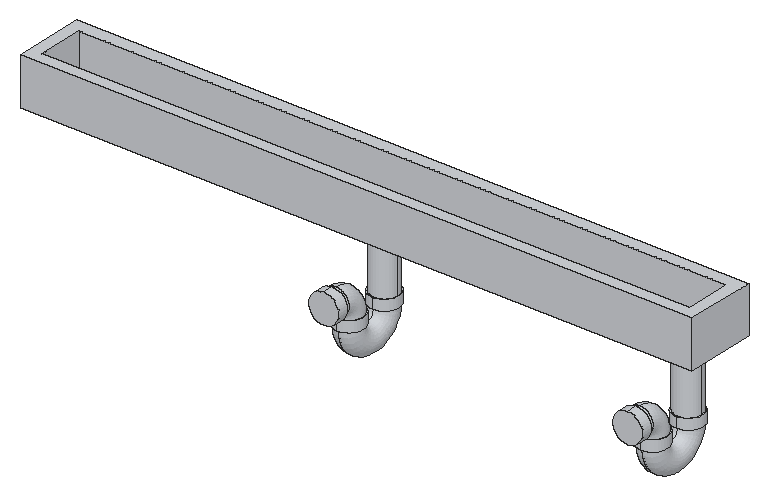
Revit family "TRENCH-DRAIN-02", category Plumbing Fixtures, Revit 2018
Family settings
  Round Connector Dimension = Use Diameter
  Part Type = Normal
  Work Plane-Based = No
  Always vertical = Yes
  Cut with Voids When Loaded = No
  Shared = No
  Room Calculation Point = No
Reference planes (in)
  plane 1 "Center (Front/Back)": y = 0
  plane 2: z = 0
  plane 3 "Center (Left/Right)": x = 0
  plane 4: x = -48
  plane 5: y = 6
  plane 6: y = -6
  plane 7: y = 4
  plane 8: y = -4
  plane 9: x = -46
  plane 10: x = 38.84421
  plane 11: x = 42.59421
  plane 12: x = -57
  plane 13: x = 57
  plane 14: x = -55
  plane 15: x = 55
  plane 16: x = 48
  plane 17: x = 51.59421
Forms (in)
  Extrusion 1, solid
    sketch origin (0, 0, 0) x (1, 0, 0) y (0, 1, 0)
      loop
        line (-57, 6) -> (-57, -6) -> (57, -6) -> (57, 6) -> (-57, 6)
    from -8 to 0
  Extrusion 2, void
    sketch origin (0, 0, 0) x (1, 0, 0) y (0, 1, 0)
      loop
        line (-55, 4) -> (-55, -4) -> (55, -4) -> (55, 4) -> (-55, 4)
    from -6 to 2.5065
  Extrusion 3, solid
    sketch origin (9, 0, 0) x (1, 0, 0) y (0, 1, 0)
      loop
        circle (42.59421, 0) r 2.25
    from -18.42308 to -5.94473
  Extrusion 4, solid
    sketch origin (-42.59421, 0, 0) x (1, 0, 0) y (0, 1, 0)
      loop
        circle (42.59421, 0) r 2.25
    from -18.42308 to -5.94473
Cuts and joins
  Extrusion 2 cuts Extrusion 1
Dimensions and locks (in)
  aligned and locked: plane 2 to level
Nested families (in)
  nested 1: "Trap P - PVC - Sch 40 - DWV" at (51.59421, 0, -15.61058) x (0, 0, -1) z (-1, 0, 0), type "Standard"
    with Wall Thickness 1/4", Tick Size 1.8", Socket Outside Radius 2.51", Socket Outside Diameter 5.02", Socket Entrance Diameter 4.52", Socket Depth 1 3/4", Outlet Height Label 10 9/16", Outlet Height 10 9/16", Nominal Radius 2", Nominal Diameter 4", Length 3 2 13/16", Length 2 2 13/16", Length 1 11 1/16", Length 12 13/16", Inlet Height 7 3/4", Height 2 8 5/16", Height 1 3 3/4", Fitting Outside Radius 2 1/4", Fitting Outside Diameter 4 1/2"
  nested 2: "Trap P - PVC - Sch 40 - DWV" at (0, 0, -15.61058) x (0, 0, -1) z (-1, 0, 0), type "Standard"
    with Wall Thickness 1/4", Tick Size 1.8", Socket Outside Radius 2.51", Socket Outside Diameter 5.02", Socket Entrance Diameter 4.52", Socket Depth 1 3/4", Outlet Height Label 10 9/16", Outlet Height 10 9/16", Nominal Radius 2", Nominal Diameter 4", Length 3 2 13/16", Length 2 2 13/16", Length 1 11 1/16", Length 12 13/16", Inlet Height 7 3/4", Height 2 8 5/16", Height 1 3 3/4", Fitting Outside Radius 2 1/4", Fitting Outside Diameter 4 1/2"
Connectors (in)
  piping at (51.59421, -12.8125, -15.61058), diameter 4
    settings: on nested 1, index 1, connector inside diameter 24", connector length 0' - 0", flow factor 0, pipe flow 0 GPM, pressure drop 0.00 psi, fitting loss kfactor 0, connector angle 0.00°, fixture units 0, engagement length 0' - 0", angle of deflection 0.00°, flow configuration 0, flow direction 0, fitting loss method 0, system type 16, joint type 0, gender type 0, connector reference index -1, connector utility 0, adjustable connector yes, is connector primary yes, connector description ""
  piping at (0, -12.8125, -15.61058), diameter 4
    settings: on nested 2, index 2, connector inside diameter 24", connector length 0' - 0", flow factor 0, pipe flow 0 GPM, pressure drop 0.00 psi, fitting loss kfactor 0, connector angle 0.00°, fixture units 0, engagement length 0' - 0", angle of deflection 0.00°, flow configuration 0, flow direction 0, fitting loss method 0, system type 16, joint type 0, gender type 0, connector reference index -1, connector utility 0, adjustable connector yes, is connector primary no, connector description ""
Definition of nested family "Trap P - PVC - Sch 40 - DWV"
  Parameters (values of type "Standard")
    Wall Thickness [instance] = size_lookup(Lookup Table Name, "WThk", 0.02 * Nominal Diameter + 33/256", Nominal Diameter)  # 0.156"
    Tick Size [instance] = Fitting Outside Diameter * 0.4  # 0.76"
    Socket Outside Radius [instance] = Socket Outside Diameter / 2  # 1.1135"
    Socket Outside Diameter [instance] = Socket Entrance Diameter + Wall Thickness * 2  # 2.227"
    Socket Entrance Diameter [instance] = size_lookup(Lookup Table Name, "SED", 1.04 * Nominal Diameter + 95/256", Nominal Diameter)  # 1.915"
    Socket Depth [instance] = size_lookup(Lookup Table Name, "SDpt", 0.5 * Nominal Diameter, Nominal Diameter)  # 0.687"
    Outlet Height Label [instance] = if(Length 2 > Fitting Outside Radius + 1/32", Outlet Height, Length 3 + Socket Depth + Height 1 + Fitting Outside Radius)  # 4.8875"
    Outlet Height [instance] = Height 2 + Fitting Outside Radius  # 4.8875"
    Nominal Radius [instance] = 3/4"
    Nominal Diameter [instance] = Nominal Radius * 2  # 1 1/2"
    Loss Method = (empty or 0)
    Lookup Table Name = "Trap P - PVC - Sch 40 - DWV"
    Length 3 [instance] = if(Length 2 > Fitting Outside Radius + 1/32", Length 2, Fitting Outside Radius + 1/32")  # 1.7505"
    Length 2 [instance] = Height 2 - Height 1 - Socket Depth  # 1.7505"
    Length 1 [instance] = size_lookup(Lookup Table Name, "Lgt1", 2.47 * Nominal Diameter + 1 97/256", Nominal Diameter)  # 4 5/8"
    Length [instance] = Length 1 + Socket Depth  # 5.312"
    Inlet Height [instance] = Height 1 + Socket Depth + Fitting Outside Radius  # 3.137"
    Height 2 [instance] = size_lookup(Lookup Table Name, "Hgt2", 1.78 * Nominal Diameter + 1 45/128", Nominal Diameter)  # 3 15/16"
    Height 1 [instance] = size_lookup(Lookup Table Name, "Hgt1", 0.88 * Nominal Diameter + 45/128", Nominal Diameter)  # 1 1/2"
    Fitting Outside Radius [instance] = Fitting Outside Diameter / 2  # 0.95"
    Fitting Outside Diameter [instance] = size_lookup(Lookup Table Name, "FOD", 1.04 * Nominal Diameter + 23/64", Nominal Diameter)  # 1.9"
  Reference planes (in)
    plane 1 "Center (Front/Back)": y = 0
    plane 2: z = 0
    plane 3 "Center (Left/Right)": x = 0
    plane 4: x = 4.8875
    plane 5: x = 1.7505
    plane 6: x = 2.4375
    plane 7: y = 1.5
    plane 8: y = 5.312
    plane 9: y = 4.625
    plane 10: y = -0.76
    plane 11: y = 0.76
    plane 12: x = -0.76
    plane 13: x = 0.76
    plane 14: y = 3
    plane 15: y = 4.7505
  Forms (in)
    Sweep 1, solid, detail levels fine
      path in 3D
        loop
          line (1.7505, 0, 0) -> (2.4375, 0, 0)
      profile origin (2.094, 0, 0) x (0, 1, 0) y (0, 0, 1)
        loop
          circle (0, 0) r 1.1135
    Sweep 2, solid, detail levels fine
      path in 3D
        loop
          line (1.7505, 3, 0) -> (2.4375, 3, 0)
      profile origin (2.094, 3, 0) x (0, 1, 0) y (0, 0, 1)
        loop
          circle (0, 0) r 1.1135
    Sweep 3, solid, detail levels fine
      path in 3D
        loop
          line (0, 5.312, 0) -> (0, 4.7505, 0)
          arc (0, 4.7505, 0) -> (0.51271, 3.51271, 0) -> (1.7505, 3, 0) r 1.7505
          line (1.7505, 3, 0) -> (2.4375, 3, 0)
          arc (2.4375, 3, 0) -> (3.9375, 1.5, 0) -> (2.4375, 0, 0) r 1.5
      profile origin (0, 5.03125, 0) x (1, 0, 0) y (0, 0, 1)
        loop
          circle (0, 0) r 0.95
    Sweep 4, solid, detail levels fine
      path in 3D
        loop
          line (0, 5.312, 0) -> (0, 4.625, 0)
      profile origin (0, 4.9685, 0) x (1, 0, 0) y (0, 0, 1)
        loop
          circle (0, 0) r 1.1135
  Cuts and joins
    joined: Sweep 1, Sweep 2, Sweep 3, Sweep 4
  Lines and regions (in)
    model lines, detail levels coarse+medium
      curve 1: line (1.7505, 0, 0) -> (2.4375, 0, 0)
      curve 2: line (1.7505, 0.76, 0) -> (1.7505, -0.76, 0)
      curve 3: line (-0.76, 5.312, 0) -> (0.76, 5.312, 0)
      curve 5: arc (2.4375, 0, 0) -> (3.9375, 1.5, 0) -> (2.4375, 3, 0) r 1.5
      curve 6: arc (0, 4.7505, 0) -> (0.51271, 3.51271, 0) -> (1.7505, 3, 0) r 1.7505
      curve 7: line (1.7505, 3, 0) -> (2.4375, 3, 0)
      curve 10: line (0, 5.312, 0) -> (0, 4.7505, 0)
    sketch lines
      curve 4: line (1.7505, 0, 0) -> (2.4375, 0, 0)
      curve 9: line (1.7505, 3, 0) -> (2.4375, 3, 0)
      curve 11: line (0, 5.312, 0) -> (0, 4.7505, 0)
      curve 12: arc (0, 4.7505, 0) -> (0.51271, 3.51271, 0) -> (1.7505, 3, 0) r 1.7505
      curve 13: line (1.7505, 3, 0) -> (2.4375, 3, 0)
      curve 14: arc (2.4375, 0, 0) -> (3.9375, 1.5, 0) -> (2.4375, 3, 0) r 1.5
      curve 15: line (0, 5.312, 0) -> (0, 4.625, 0)
    reference lines
      curve 8: line (0, 5.312, 0) -> (0, 4.625, 0)
  Dimensions and locks (in)
    "Outlet Height Label": plane 3 "Center (Left/Right)" to plane 4
    "Inlet Height": plane 5 to plane 4
    "Socket Depth": plane 5 to plane 6
    "Height 1": plane 7 to plane 1 "Center (Front/Back)"
    "Length": plane 8 to plane 1 "Center (Front/Back)"
    "Socket Depth": plane 8 to plane 9
    equal spacing: plane 10, plane 1 "Center (Front/Back)", plane 11
    "Tick Size": plane 1 "Center (Front/Back)" to plane 11
    equal spacing: plane 12, plane 3 "Center (Left/Right)", plane 13
    "Tick Size": plane 12 to plane 3 "Center (Left/Right)"
    "Height 1": plane 14 to plane 7
    "Length 3": plane 15 to plane 14
    "Socket Outside Radius": radius of Sweep 1 sketch curve
    "Height 1": radius of curve 5
    "Length 3": radius of curve 6
    "Socket Outside Radius": radius of Sweep 2 sketch curve
    "Fitting Outside Radius": radius of Sweep 3 sketch curve
    "Socket Outside Radius": radius of Sweep 4 sketch curve
    locked: curve 5 to curve 5 (angle 180.00°)
    locked: curve 6 to curve 6 (angle 90.00°)
    aligned and locked: plane 5 to curve 1
    aligned and locked: plane 1 "Center (Front/Back)" to curve 1
    aligned and locked: plane 11 to curve 2
    aligned and locked: plane 10 to curve 2
    aligned and locked: curve 2 to plane 5
    aligned and locked: plane 12 to curve 3
    aligned and locked: plane 13 to curve 3
    aligned and locked: curve 3 to plane 8
    aligned and locked: plane 7 to curve 5
    aligned and locked: plane 6 to curve 5
    aligned and locked: plane 5 to curve 7
    aligned and locked: plane 6 to curve 7
    aligned and locked: plane 9 to curve 8
    aligned and locked: plane 8 to curve 8
    aligned and locked: curve 8 to plane 3 "Center (Left/Right)"
    aligned and locked: plane 15 to curve 10
    aligned and locked: plane 8 to curve 10
    aligned and locked: curve 10 to plane 3 "Center (Left/Right)"
    aligned and locked: plane 5 to curve 6
  Automatic sketch dimensions
    Sweep 1 sketch curve to profile plane = 0' - 0"  (x2)
    Sweep 2 sketch curve to profile plane = 0' - 0"  (x2)
    profile plane to Sweep 3 sketch curve = 0' - 0"
    Sweep 3 sketch curve to profile plane = 0' - 0"
    profile plane to Sweep 4 sketch curve = 0' - 0"
    Sweep 4 sketch curve to profile plane = 0' - 0"
  Connectors (in)
    piping at (1.7505, 0, 0), diameter 1.5, driven by "Nominal Radius"
      settings: on cut or joined group of Sweep 1, Sweep 2, Sweep 3, Sweep 4, index 1, connector inside diameter 1 1/2", connector length 0' - 0", flow factor 0, pipe flow 0 GPM, pressure drop 0.00 psi, fitting loss kfactor 0, connector angle 0.00°, fixture units 0, engagement length 0' - 0", angle of deflection 0.00°, flow configuration 0, flow direction 0, fitting loss method 0, system type 28, joint type 0, gender type 0, connector reference index 2, connector utility 0, adjustable connector no, is connector primary yes, connector description ""
    piping at (0, 5.312, 0), diameter 1.5, driven by "Nominal Radius"
      settings: on cut or joined group of Sweep 1, Sweep 2, Sweep 3, Sweep 4, index 2, connector inside diameter 1 1/2", connector length 0' - 0", flow factor 0, pipe flow 0 GPM, pressure drop 0.00 psi, fitting loss kfactor 0, connector angle 0.00°, fixture units 0, engagement length 0' - 0", angle of deflection 0.00°, flow configuration 0, flow direction 0, fitting loss method 0, system type 28, joint type 0, gender type 0, connector reference index 1, connector utility 0, adjustable connector yes, is connector primary no, connector description ""
